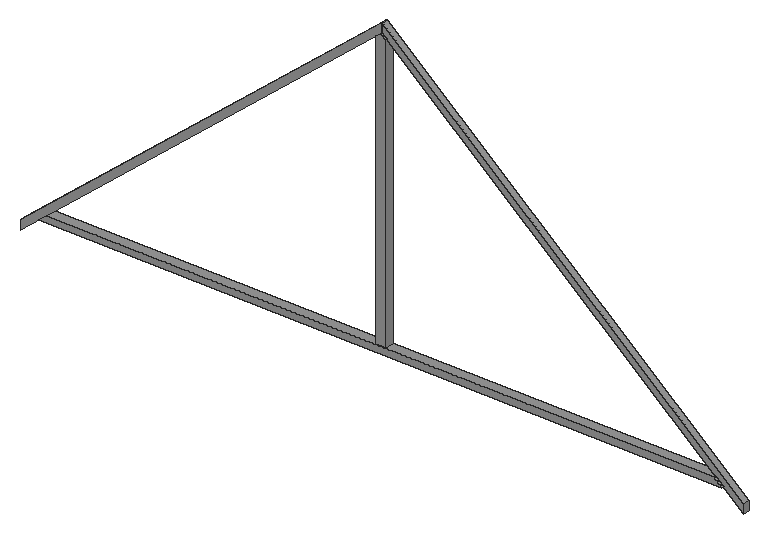
Revit family "KingPostTruss", category Structural Framing, Revit 2023
Family settings
  Section Shape = Not Defined
  Material for Model Behavior = Wood
  Always export as geometry = No
  OmniClass Number = 23.25.30.21.14
  OmniClass Title = Trussed Beams and Joists
  Work Plane-Based = No
  Always vertical = Yes
  Cut with Voids When Loaded = No
  Symbolic Representation = From Family
  Shared = No
  Show family pre-cut in plan views = Yes
Parameters
  WebWidth [instance] = 120 mm
  WebDepth [instance] = 150 mm
  T_Volume [instance] = 0.00 m³
  TopWidth [instance] = 80 mm
  Structural Material [instance] = Poche
  SpanRight [instance] = 5000 mm
  SpanLeft [instance] = 5000 mm
  Span [instance] = SpanLeft + SpanRight  # 10000 mm
  SlopeRight [instance] = 40.00°
  SlopeLeft [instance] = 40.00°
  OverhangRight [instance] = 300 mm
  OverhangLeft [instance] = 300 mm
  TopDepth [instance] = 100 mm
  BottomWidth [instance] = 150 mm
  BottomDepth [instance] = 100 mm
Reference planes
  plane 1 "Center (Front/Back)": y = 0
  plane 2: z = 0
  plane 3 "Center (Left/Right)": x = 0
  plane 4: x = -5000
  plane 5: x = 5000
  plane 6: x = 5300
  plane 7: x = -5300
  plane 8: z = 100
  plane 9: x = 75
  plane 10: x = -75
Forms (mm)
  Extrusion 1, solid, material "Cherry"
    sketch origin (0, 0, 0) x (1, 0, 0) y (0, 0, 1)
      loop
        line (-5300, -251.73) -> (0, 4195.498) -> (0, 4326.039) -> (-5300, -121.189) -> (-5300, -251.73)
    from -40 to 40
  Extrusion 2, solid, material "Cherry"
    sketch origin (0, 0, 0) x (1, 0, 0) y (0, 0, 1)
      loop
        line (5300, -251.73) -> (5300, -121.189) -> (0, 4326.039) -> (0, 4195.498) -> (5300, -251.73)
    from -40 to 40
  Extrusion 3, solid, material "Cherry"
    sketch origin (0, 0, 0) x (1, 0, 0) y (0, 0, 1)
      loop
        line (-5000, 0) -> (5000, 0) -> (4880.825, 100) -> (-4880.825, 100) -> (-5000, 0)
    from -75 to 75
  Extrusion 4, solid, material "Cherry"
    sketch origin (0, 0, 0) x (1, 0, 0) y (0, 0, 1)
      loop
        line (75, 100) -> (75, 4132.566) -> (0, 4195.498) -> (-75, 4132.566) -> (-75, 100) -> (75, 100)
    from -60 to 60
Lines and regions (mm)
  reference lines
    curve 1: line (5000, 0, 0) -> (2625.262, 0, 1992.642)
    curve 2: line (-5000, 0, 0) -> (-2318.844, 0, 2249.757)
    curve 3: line (4991.574, 0, 137.611) -> (-8.024, 0, 4332.772)
    curve 4: line (-4966.214, 0, 158.891) -> (-109.65, 0, 4234.032)
    curve 5: line (0, 40, 1939.254) -> (0, 40, -520.746)
    curve 6: line (0, -40, 1939.254) -> (0, -40, -520.746)
    curve 7: line (0, -60, 1939.254) -> (0, -60, -520.746)
    curve 8: line (0, -75, 1939.254) -> (0, -75, -520.746)
    curve 9: line (0, 60, 1939.254) -> (0, 60, -520.746)
    curve 10: line (0, 75, 1939.254) -> (0, 75, -520.746)
Dimensions and locks
  "SpanLeft": plane 3 "Center (Left/Right)" to plane 5
  "SpanRight": plane 3 "Center (Left/Right)" to plane 4
  "OverhangLeft": plane 5 to plane 6
  "OverhangRight": plane 7 to plane 4
  "BottomDepth": level to plane 8
  equal spacing: plane 10, plane 3 "Center (Left/Right)", plane 9
  "WebDepth": plane 10 to plane 9
  "TopDepth": curve 1 to curve 3
  "TopDepth": curve 4 to curve 2
  equal spacing: curve 5, curve 4, curve 6
  "TopWidth": curve 5 to curve 6
  equal spacing: curve 9, curve 4, curve 7
  "WebWidth": curve 9 to curve 7
  equal spacing: curve 10, curve 4, curve 8
  "BottomWidth": curve 10 to curve 8
  plane 5 to plane 3 "Center (Left/Right)" = 5000 mm
  plane 4 to plane 3 "Center (Left/Right)" = 5000 mm
  "SlopeLeft": angle level to curve 1
  "SlopeRight": angle curve 2 to level
  aligned and locked: plane 2 to level
  aligned and locked: Extrusion 1 sketch curve to curve 2
  aligned and locked: Extrusion 1 sketch curve to curve 4
  aligned and locked: Extrusion 1 sketch curve to curve 6
  aligned and locked: plane 7 to Extrusion 1 sketch curve
  aligned and locked: Extrusion 2 sketch curve to curve 1
  aligned and locked: Extrusion 2 sketch curve to curve 3
  aligned and locked: Extrusion 2 sketch curve to curve 6
  aligned and locked: Extrusion 2 sketch curve to plane 6
  aligned and locked: Extrusion 3 sketch curve to level
  aligned and locked: Extrusion 3 sketch curve to plane 8
  aligned and locked: Extrusion 1 to Extrusion 3 sketch curve
  aligned and locked: Extrusion 2 to Extrusion 3 sketch curve
  aligned and locked: Extrusion 2 to curve 6
  aligned and locked: Extrusion 2 to curve 5
  aligned and locked: Extrusion 1 to curve 6
  aligned and locked: Extrusion 1 to curve 5
  aligned and locked: Extrusion 3 to curve 8
  aligned and locked: curve 10 to Extrusion 3
  aligned and locked: Extrusion 4 sketch curve to plane 9
  aligned and locked: plane 10 to Extrusion 4 sketch curve
  aligned and locked: Extrusion 3 to Extrusion 4 sketch curve
  aligned and locked: Extrusion 4 sketch curve to Extrusion 2
  aligned and locked: Extrusion 1 to Extrusion 4 sketch curve
  aligned and locked: Extrusion 4 to curve 9
  aligned and locked: Extrusion 4 to curve 7
Automatic sketch dimensions
  curve 2 to level = 0 mm
  plane 4 to curve 2 = 0 mm
  curve 1 to level = 0 mm
  plane 5 to curve 1 = 0 mm
  curve 4 to plane 4 = 33.786 mm
  curve 4 to plane 10 = 34.65 mm
  curve 3 to plane 3 "Center (Left/Right)" = 8.024 mm
  plane 5 to curve 3 = 8.426 mm
  curve 10 to level = 520.746 mm
  curve 5 to curve 10 = 0 mm
  curve 8 to curve 5 = 0 mm
  curve 8 to curve 6 = 0 mm  (x2)
  curve 8 to curve 7 = 0 mm  (x2)
  curve 9 to curve 10 = 0 mm  (x2)
  plane 8 to curve 6 = 1839.254 mm
  curve 6 to curve 9 = 0 mm
  curve 5 to curve 9 = 0 mm
